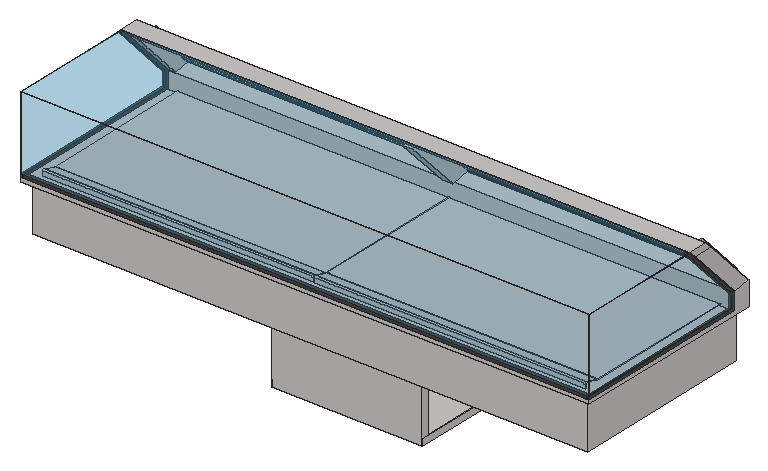
Revit family "QF_FESTIVE_ACDL24", category Specialty Equipment, Revit 2020
Family settings
  Round Connector Dimension = Use Diameter
  Part Type = Normal
  Work Plane-Based = No
  Always vertical = Yes
  Cut with Voids When Loaded = No
  Shared = No
  Room Calculation Point = No
Parameters (values of type "ACDL24")
  Weight in Pounds = 0
  Watts = if(Phase = 3, Volts * FL Amps * 1.73, Volts * FL Amps)  # 1210 W
  Volts = 220 V
  URL Cutsheet = ""
  Specification by User = ""
  Specification by Manufacturer = ""
  Serial Number = ""
  Seismic Rating = ""
  SMACNA No = ""
  Revision Code = ""
  Phase = 1
  Number of Poles = 1
  NAFEM Spec ID Number = ""
  Model = "ACDL24"
  Min Ckt Ampacity = 0 A
  Max Overcurrent Protection = 0 A
  Masterspec = ""
  Manufacturer = "FESTIVE"
  Length = 2370 mm
  Item Number = ""
  Installed By = ""
  Identify Quantity as Lot = yes
  Height = 335 mm
  HP = ""
  Glass 2 = Length > 1769 mm  # yes
  Glass 1 = Length < 1769 mm  # no
  Furnished By = ""
  Foodservice Equipment Identifier = yes
  FL Amps = 5.5 A
  Electrical Remarks = ""
  Electric Connection Type = ""
  Elec Conn RI Height = 0 mm
  Elec Conn Connection Height = 0 mm
  Description = "AVON LO: CHILLED DROP-IN"
  Depth = 830 mm
  Default Elevation = 0 mm
  Cycle = 50 Hz
  Cradle 2 [instance] = Length > 901 mm  # yes
  Cradle 1 = Length < 901 mm  # no
  Conn Plug = ""
  Conn Conduit = yes
  Center Post = Length > 1769 mm  # yes
  CSI MasterFormat = ""
  Apparent Power = if(Phase = 3, Volts * FL Amps * 1.73, Volts * FL Amps)  # 1210 VA
Reference planes
  plane 1 "BACK": y = 0
  plane 2: z = 0
  plane 3 "LEFT": x = 0
  plane 4 "RIGHT": x = 2370
  plane 5 "FRONT": y = -830
  plane 6 "TOP": z = 335
  plane 7 "Center Y": x = 1185
  plane 8 "Center X": y = -415
  plane 9: z = 100
  plane 10: x = 2359
  plane 11: z = -520
  plane 12: z = -560
Forms (mm)
  Extrusion 1, solid, material "QF_Metal - Stainless - Satin", visible <- "Cradle 2", not visible
    sketch origin (900, -213.4, -387.009) x (0, 0, 1) y (1, 0, 0)
      loop
        line (387.009, -137.4) -> (27.009, -137.4) -> (27.009, -762.6) -> (387.009, -762.6) -> (387.009, -137.4)
      loop
        line (55, -734.4) -> (365.009, -734.4) -> (365.009, -164.4) -> (55, -164.4) -> (55, -734.4)
    from 0 to -2
  Extrusion 2, solid, material "QF_Metal - Stainless - Satin", visible <- "Cradle 2", not visible
    sketch origin (141.4, 0, 0) x (0, 1, 0) y (0, 0, 1)
      loop
        line (-215.4, 0) -> (-240, 0) -> (-240, -360) -> (-215.4, -360) -> (-215.4, 0)
    from -4 to -1.6
  Extrusion 3, solid, material "QF_Metal - Stainless - Satin", visible <- "Cradle 2", not visible
    sketch origin (900, 0, 0) x (0, -1, 0) y (0, 0, 1)
      loop
        line (215.4, 0) -> (215.4, -360) -> (240, -360) -> (240, 0) -> (215.4, 0)
    from 139.796 to 137.4
  Extrusion 4, solid, material "QF_Metal - Stainless - Satin", visible <- "Cradle 2", not visible
    sketch origin (0, 0, 0) x (0, 1, 0) y (0, 0, 1)
      loop
        line (-52, 0) -> (-213.4, 0) -> (-213.4, -122) -> (-52, -122) -> (-52, 0)
    from 239 to 660
  Extrusion 5, solid, material "QF_Metal - Stainless - Satin", visible <- "Cradle 2", not visible
    sketch origin (0, -50.8, 53.113) x (0, 0, -1) y (-1, 0, 0)
      loop
        line (55.113, -660) -> (175.113, -660) -> (175.113, -239) -> (55.113, -239) -> (55.113, -660)
    from 0 to 2
  Extrusion 6, solid, material "QF_Plastic - Black - Smooth", visible <- "Cradle 2", not visible
    sketch origin (14, -48.8, 53.113) x (0, 0, -1) y (-1, 0, 0)
      loop
        line (147.213, -308.95) -> (147.213, -294.95) -> (115.213, -294.95) -> (115.213, -308.95) -> (147.213, -308.95)
      loop
        line (147.213, -278.75) -> (147.213, -264.75) -> (115.213, -264.75) -> (115.213, -278.75) -> (147.213, -278.75)
      loop
        line (145.213, -306.95) -> (145.213, -296.95) -> (117.213, -296.95) -> (117.213, -306.95) -> (145.213, -306.95)
      loop
        line (145.213, -276.75) -> (145.213, -266.75) -> (117.213, -266.75) -> (117.213, -276.75) -> (145.213, -276.75)
      loop
        arc (112.863, -404.2) -> (131.113, -408.012) -> (149.363, -404.2) r 45.59
        line (149.363, -404.2) -> (149.363, -330.2)
        arc (149.363, -330.2) -> (131.113, -326.725) -> (112.863, -330.2) r 49.66
        line (112.863, -330.2) -> (112.863, -404.2)
    from 0 to 3
  Extrusion 7, solid, material "QF_Plastic - Red - Smooth", visible <- "Cradle 2", not visible
    sketch origin (290.75, -48.8, -92.1) x (0, 0, 1) y (0, 1, 0)
      loop
        line (0, 7.232) -> (0, 0) -> (28, 0) -> (28, 4.784)
        arc (28, 4.784) -> (13.954, 5.478) -> (0, 7.232) r 185.903
    from 0 to 10
  Extrusion 8, solid, material "QF_Plastic - Red - Smooth", visible <- "Cradle 2", not visible
    sketch origin (290.75, -48.8, -92.1) x (0, 0, 1) y (0, 1, 0)
      loop
        line (0, 7.232) -> (0, 0) -> (28, 0) -> (28, 4.784)
        arc (28, 4.784) -> (13.954, 5.478) -> (0, 7.232) r 185.903
    from -30.2 to -20.2
  Extrusion 9, solid, material "QF_Metal - Stainless - Satin", visible <- "Cradle 2", not visible
    sketch origin (0, -1.8, 0) x (0, 1, 0) y (0, 0, 1)
      loop
        line (-570, 0) -> (-596.6, 0) -> (-596.6, -360) -> (-570, -360) -> (-570, 0)
    from 137.4 to 762.6
  Extrusion 10, void, not visible
    sketch origin (137.4, 0, 0) x (0, 1, 0) y (0, 0, 1)
      loop
        circle (-289.925, -281.443) r 8.149
    from 0 to 3.2
  Extrusion 11, solid, material "QF_Metal - Stainless - Satin"
    sketch origin (0, 0, -200) x (0, 1, 0) y (0, 0, 1)
      loop
        line (0, 200) -> (0, 300) -> (-75.2, 287.871) -> (-75.2, 217) -> (-830, 217) -> (-830, 200) -> (0, 200)
    from 0 to 2370
  Extrusion 12, solid, material "QF_Plastic - Black - Smooth"
    sketch origin (0, 0, -200) x (0, 1, 0) y (0, 0, 1)
      loop
        line (-830, 217) -> (-818, 217) -> (-818, 229) -> (-830, 229) -> (-830, 217)
    from 11 to 2359
  Extrusion 13, solid, material "QF_Metal - Stainless - Satin"
    sketch origin (900, 0, -200) x (0, 1, 0) y (0, 0, -1)
      loop
        line (-715.062, -224.6) -> (-75.2, -224.6) -> (-75.2, -223.6) -> (-715.33, -223.6) -> (-715.062, -224.6)
      loop
        line (-780, -217) -> (-780, -235.604)
        arc (-780, -235.604) -> (-778.032, -239.534) -> (-773.706, -240.312) r 4.908
        line (-773.706, -240.312) -> (-773.965, -239.347)
        arc (-773.965, -239.347) -> (-777.439, -238.63) -> (-779, -235.445) r 4.03
        line (-779, -235.445) -> (-779, -217) -> (-780, -217)
    from -1416 to -287
  Extrusion 14, solid, material "Glass"
    sketch origin (0, 0, -200) x (0, -1, 0) y (0, 0, 1)
      loop
        line (828, 533) -> (303.463, 533) -> (301.574, 531) -> (826, 531) -> (826, 217) -> (828, 217) -> (828, 533)
    from 0 to -2370
  Extrusion 15, solid, material "QF_Metal - Stainless - Satin"
    sketch origin (449, -425, -200) x (1, 0, 0) y (0, 1, 0)
      loop
        line (-419, -375) -> (1891, -375) -> (1891, 395) -> (-419, 395) -> (-419, -375)
    from 0 to -200
  Extrusion 16, solid, material "QF_Metal - Stainless - Satin"
    sketch origin (0, 65.025, -271.149) x (0, 0.985557, 0.169345) y (0, -0.169345, 0.985557)
      loop
        line (-76.81, 381.021) -> (-77.401, 377.581) -> (-1.233, 376.8) -> (-159.726, 615.174) -> (-241.884, 629.29) -> (-76.81, 381.021)
    from 0 to 40
  Extrusion 17, solid, material "QF_Metal - Stainless - Satin"
    sketch origin (40, 65.025, -271.149) x (0, 0.985557, 0.169345) y (0, -0.169345, 0.985557)
      loop
        line (-159.726, 615.174) -> (-180.222, 645.999) -> (-262.379, 660.116) -> (-241.884, 629.29) -> (-159.726, 615.174)
    from -40 to 2330
  Extrusion 18, solid, material "QF_Metal - Stainless - Satin"
    sketch origin (0, 0, -188) x (0, 1, 0) y (0, 0, 1)
      loop
        line (-780, 205) -> (-779, 205) -> (-779, 223.445)
        arc (-779, 223.445) -> (-777.439, 226.63) -> (-773.965, 227.347) r 4.03
        line (-773.965, 227.347) -> (-773.706, 228.312)
        arc (-773.706, 228.312) -> (-778.032, 227.534) -> (-780, 223.604) r 4.908
        line (-780, 223.604) -> (-780, 205)
      loop
        line (-715.062, 212.6) -> (-715.33, 211.6) -> (-75.2, 211.6) -> (-75.2, 212.6) -> (-715.062, 212.6)
    from 54 to 1183
  Extrusion 19, solid, material "QF_Metal - Stainless - Satin"
    sketch origin (0, -79.381, -365.812) x (1, 0, 0) y (0, 0.965932, -0.258796)
      loop
        line (1183, -715.062) -> (54, -715.062) -> (54, -773.706) -> (1183, -773.706) -> (1183, -715.062)
      loop
        line (1187, -715.062) -> (1187, -773.706) -> (2316, -773.706) -> (2316, -715.062) -> (1187, -715.062)
    from 211.6 to 212.6
  Extrusion 20, solid, material "QF_Metal - Stainless - Satin"
    sketch origin (40, -216.994, 329.71) x (0, -0.6867, 0.726941) y (1, 0, 0)
      loop
        line (-300.996, 0) -> (-300.996, 2290) -> (-315.996, 2290) -> (-315.996, 0) -> (-300.996, 0)
    from 0 to -5
  Extrusion 21, solid, material "QF_Plastic - Black - Smooth"
    sketch origin (0, 0, -200) x (0, 1, 0) y (0, 0, 1)
      loop
        line (-86, 287.066) -> (-86, 229) -> (-830, 229) -> (-830, 217) -> (-75.2, 217) -> (-75.2, 291.361) -> (-303.463, 533) -> (-318.32, 533) -> (-86, 287.066)
    from 0 to 11
  Extrusion 22, solid, material "QF_Metal - Stainless - Satin"
    sketch origin (0, 65.025, -271.149) x (0, 0.985557, 0.169345) y (0, -0.169345, 0.985557)
      loop
        line (-76.81, 381.021) -> (-77.401, 377.581) -> (-1.233, 376.8) -> (-159.726, 615.174) -> (-241.884, 629.29) -> (-76.81, 381.021)
    from 0 to 40
  Extrusion 23, solid, material "QF_Plastic - Black - Smooth"
    sketch origin (2370, 0, 0) x (0, -1, 0) y (0, 0, 1)
      loop
        line (86, 87.066) -> (320.209, 335) -> (305.352, 335) -> (75.2, 91.361) -> (75.2, 17) -> (830, 17) -> (830, 29) -> (86, 29) -> (86, 87.066)
    from 0 to 11
  Extrusion 24, solid, material "QF_Metal - Stainless - Satin"
    sketch origin (2370, 0, 0) x (0, -1, 0) y (0, 0, 1)
      loop
        line (75.2, 91.361) -> (279.932, 308.09) -> (196.571, 308.09) -> (0, 100) -> (75.2, 87.871) -> (75.2, 91.361)
    from 0 to 40
  Extrusion 25, solid, material "QF_Metal - Stainless - Satin", visible <- "Cradle 2"
    sketch origin (1634.4, -222.5, -587.009) x (0, 0, 1) y (1, 0, 0)
      loop
        line (387.009, -137.4) -> (27.009, -137.4) -> (27.009, -762.6) -> (387.009, -762.6) -> (387.009, -137.4)
      loop
        line (55, -734.4) -> (365.009, -734.4) -> (365.009, -164.4) -> (55, -164.4) -> (55, -734.4)
    from 0 to -2
  Extrusion 26, solid, material "QF_Metal - Stainless - Satin", visible <- "Cradle 2"
    sketch origin (875.8, -9.1, -200) x (0, 1, 0) y (0, 0, 1)
      loop
        line (-215.4, 0) -> (-240, 0) -> (-240, -360) -> (-215.4, -360) -> (-215.4, 0)
    from -4 to -1.6
  Extrusion 27, solid, material "QF_Metal - Stainless - Satin", visible <- "Cradle 2"
    sketch origin (1634.4, -9.1, -200) x (0, -1, 0) y (0, 0, 1)
      loop
        line (215.4, 0) -> (215.4, -360) -> (240, -360) -> (240, 0) -> (215.4, 0)
    from 139.796 to 137.4
  Extrusion 28, solid, material "QF_Metal - Stainless - Satin", visible <- "Cradle 2"
    sketch origin (734.4, -9.1, -200) x (0, 1, 0) y (0, 0, 1)
      loop
        line (-52, 0) -> (-213.4, 0) -> (-213.4, -122) -> (-52, -122) -> (-52, 0)
    from 239 to 660
  Extrusion 29, solid, material "QF_Metal - Stainless - Satin", visible <- "Cradle 2"
    sketch origin (734.4, -59.9, -146.887) x (0, 0, -1) y (-1, 0, 0)
      loop
        line (55.113, -660) -> (175.113, -660) -> (175.113, -239) -> (55.113, -239) -> (55.113, -660)
    from 0 to 2
  Extrusion 30, solid, material "QF_Plastic - Black - Smooth", visible <- "Cradle 2"
    sketch origin (748.4, -57.9, -146.887) x (0, 0, -1) y (-1, 0, 0)
      loop
        line (147.213, -308.95) -> (147.213, -294.95) -> (115.213, -294.95) -> (115.213, -308.95) -> (147.213, -308.95)
      loop
        line (147.213, -278.75) -> (147.213, -264.75) -> (115.213, -264.75) -> (115.213, -278.75) -> (147.213, -278.75)
      loop
        line (145.213, -306.95) -> (145.213, -296.95) -> (117.213, -296.95) -> (117.213, -306.95) -> (145.213, -306.95)
      loop
        line (145.213, -276.75) -> (145.213, -266.75) -> (117.213, -266.75) -> (117.213, -276.75) -> (145.213, -276.75)
      loop
        arc (112.863, -404.2) -> (131.113, -408.012) -> (149.363, -404.2) r 45.59
        line (149.363, -404.2) -> (149.363, -330.2)
        arc (149.363, -330.2) -> (131.113, -326.725) -> (112.863, -330.2) r 49.66
        line (112.863, -330.2) -> (112.863, -404.2)
    from 0 to 3
  Extrusion 31, solid, material "QF_Plastic - Red - Smooth", visible <- "Cradle 2"
    sketch origin (1025.15, -57.9, -292.1) x (0, 0, 1) y (0, 1, 0)
      loop
        line (0, 7.232) -> (0, 0) -> (28, 0) -> (28, 4.784)
        arc (28, 4.784) -> (13.954, 5.478) -> (0, 7.232) r 185.903
    from 0 to 10
  Extrusion 32, solid, material "QF_Plastic - Red - Smooth", visible <- "Cradle 2"
    sketch origin (1025.15, -57.9, -292.1) x (0, 0, 1) y (0, 1, 0)
      loop
        line (0, 7.232) -> (0, 0) -> (28, 0) -> (28, 4.784)
        arc (28, 4.784) -> (13.954, 5.478) -> (0, 7.232) r 185.903
    from -30.2 to -20.2
  Extrusion 33, solid, material "QF_Metal - Stainless - Satin", visible <- "Cradle 2"
    sketch origin (734.4, -10.9, -200) x (0, 1, 0) y (0, 0, 1)
      loop
        line (-570, 0) -> (-596.6, 0) -> (-596.6, -360) -> (-570, -360) -> (-570, 0)
    from 137.4 to 762.6
  Extrusion 34, void
    sketch origin (871.8, -9.1, -200) x (0, 1, 0) y (0, 0, 1)
      loop
        circle (-289.925, -281.443) r 8.149
    from 0 to 3.2
  Extrusion 35, solid, material "QF_Metal - Stainless - Satin"
    sketch origin (325, -200.206, 304.657) x (0, -0.6867, 0.726941) y (1, 0, 0)
      loop
        line (0, -285) -> (0, -265) -> (-271.255, -265) -> (-271.255, -285) -> (0, -285)
    from 0 to 3.2
  Extrusion 36, solid, material "QF_Metal - Stainless - Satin"
    sketch origin (60, -13.935, 107.471) x (0, -0.6867, 0.726941) y (0, -0.726941, -0.6867)
      loop
        line (271.255, -3.2) -> (0, -3.2) -> (0, -8.2)
        arc (0, -8.2) -> (2.929, -15.271) -> (10, -18.2) r 10
        line (10, -18.2) -> (261.255, -18.2)
        arc (261.255, -18.2) -> (268.326, -15.271) -> (271.255, -8.2) r 10
        line (271.255, -8.2) -> (271.255, -3.2)
    from -9 to -11
  Extrusion 37, solid, material "QF_Metal - Stainless - Satin"
    sketch origin (875, -196.571, 308.09) x (0, -0.6867, 0.726941) y (1, 0, 0)
      loop
        line (0, 1455) -> (-271.255, 1455) -> (-271.255, 1435) -> (0, 1435) -> (0, 1455)
    from 0 to 3.2
  Extrusion 38, solid, material "QF_Metal - Stainless - Satin"
    sketch origin (2310, -10.301, 110.904) x (0, -0.6867, 0.726941) y (0, 0.726941, 0.6867)
      loop
        line (271.255, 3.2) -> (271.255, 8.2)
        arc (271.255, 8.2) -> (268.326, 15.271) -> (261.255, 18.2) r 10
        line (261.255, 18.2) -> (10, 18.2)
        arc (10, 18.2) -> (2.929, 15.271) -> (0, 8.2) r 10
        line (0, 8.2) -> (0, 3.2) -> (271.255, 3.2)
    from -9 to -11
  Extrusion 39, solid, material "QF_Metal - Stainless - Satin", visible <- "Center Post"
    sketch origin (1185, 175.397, 1219.2) x (0, 1, 0) y (0, 0, 1)
      loop
        line (-371.969, -911.11) -> (-470.186, -911.11) -> (-260.629, -1132.947) -> (-175.397, -1119.2) -> (-371.969, -911.11)
    from -20 to 20
  Extrusion 40, solid, material "QF_Metal - Stainless - Satin", visible <- "Cradle 2"
    sketch origin (734.4, -607.571, -560) x (1, 0, 0) y (0, -1, 0)
      loop
        line (762.6, -28.471) -> (137.4, -28.471) -> (137.4, -383.071) -> (762.6, -383.071) -> (762.6, -28.471)
    from 0 to -5
  Extrusion 41, solid, material "QF_Metal - Stainless - Satin", visible <- "Cradle 2"
    sketch origin (1634.4, -9.1, -160) x (0, -1, 0) y (0, 0, 1)
      loop
        line (213.4, -372.009) -> (213.4, -400) -> (598.4, -400) -> (598.4, -372.009) -> (213.4, -372.009)
    from 137.4 to 135
  Extrusion 42, solid, material "QF_Metal - Stainless - Satin", visible <- "Cradle 2"
    sketch origin (734.4, -9.1, -160) x (0, 1, 0) y (0, 0, 1)
      loop
        line (-213.4, -372.009) -> (-598.4, -372.009) -> (-598.4, -400) -> (-213.4, -400) -> (-213.4, -372.009)
    from 135 to 137.4
  Extrusion 43, solid, material "QF_Metal - Stainless - Satin", visible <- "Cradle 2", not visible
    sketch origin (0, -598.471, -360) x (1, 0, 0) y (0, -1, 0)
      loop
        line (762.6, -28.471) -> (137.4, -28.471) -> (137.4, -383.071) -> (762.6, -383.071) -> (762.6, -28.471)
    from 0 to -5
  Extrusion 44, solid, material "QF_Metal - Stainless - Satin", visible <- "Cradle 2", not visible
    sketch origin (900, 0, 40) x (0, -1, 0) y (0, 0, 1)
      loop
        line (213.4, -372.009) -> (213.4, -400) -> (598.4, -400) -> (598.4, -372.009) -> (213.4, -372.009)
    from 137.4 to 135
  Extrusion 45, solid, material "QF_Metal - Stainless - Satin", visible <- "Cradle 2", not visible
    sketch origin (0, 0, 40) x (0, 1, 0) y (0, 0, 1)
      loop
        line (-213.4, -372.009) -> (-598.4, -372.009) -> (-598.4, -400) -> (-213.4, -400) -> (-213.4, -372.009)
    from 135 to 137.4
  Extrusion 46, solid, material "QF_Metal - Stainless - Satin", visible <- "Cradle 1", not visible
    sketch origin (2199.4, -222.5, -587.009) x (0, 0, 1) y (1, 0, 0)
      loop
        line (387.009, -137.4) -> (67.009, -137.4) -> (67.009, -762.6) -> (387.009, -762.6) -> (387.009, -137.4)
      loop
        line (365.009, -734.4) -> (365.009, -164.4) -> (95, -164.4) -> (95, -734.4) -> (365.009, -734.4)
    from 0 to -2
  Extrusion 47, solid, material "QF_Metal - Stainless - Satin", visible <- "Cradle 1", not visible
    sketch origin (1440.8, -9.1, -200) x (0, 1, 0) y (0, 0, 1)
      loop
        line (-215.4, 0) -> (-240, 0) -> (-240, -320) -> (-215.4, -320) -> (-215.4, 0)
    from -4 to -1.6
  Extrusion 48, solid, material "QF_Metal - Stainless - Satin", visible <- "Cradle 1", not visible
    sketch origin (2199.4, -9.1, -200) x (0, -1, 0) y (0, 0, 1)
      loop
        line (215.4, 0) -> (215.4, -320) -> (240, -320) -> (240, 0) -> (215.4, 0)
    from 139.796 to 137.4
  Extrusion 49, solid, material "QF_Metal - Stainless - Satin", visible <- "Cradle 1", not visible
    sketch origin (1299.4, -9.1, -200) x (0, 1, 0) y (0, 0, 1)
      loop
        line (-52, 0) -> (-213.4, 0) -> (-213.4, -122) -> (-52, -122) -> (-52, 0)
    from 239 to 660
  Extrusion 50, solid, material "QF_Metal - Stainless - Satin", visible <- "Cradle 1", not visible
    sketch origin (1299.4, -59.9, -146.887) x (0, 0, -1) y (-1, 0, 0)
      loop
        line (55.113, -660) -> (175.113, -660) -> (175.113, -239) -> (55.113, -239) -> (55.113, -660)
    from 0 to 2
  Extrusion 51, solid, material "QF_Plastic - Black - Smooth", visible <- "Cradle 1", not visible
    sketch origin (1313.4, -57.9, -146.887) x (0, 0, -1) y (-1, 0, 0)
      loop
        line (147.213, -308.95) -> (147.213, -294.95) -> (115.213, -294.95) -> (115.213, -308.95) -> (147.213, -308.95)
      loop
        line (147.213, -278.75) -> (147.213, -264.75) -> (115.213, -264.75) -> (115.213, -278.75) -> (147.213, -278.75)
      loop
        line (145.213, -306.95) -> (145.213, -296.95) -> (117.213, -296.95) -> (117.213, -306.95) -> (145.213, -306.95)
      loop
        line (145.213, -276.75) -> (145.213, -266.75) -> (117.213, -266.75) -> (117.213, -276.75) -> (145.213, -276.75)
      loop
        arc (112.863, -404.2) -> (131.113, -408.012) -> (149.363, -404.2) r 45.59
        line (149.363, -404.2) -> (149.363, -330.2)
        arc (149.363, -330.2) -> (131.113, -326.725) -> (112.863, -330.2) r 49.66
        line (112.863, -330.2) -> (112.863, -404.2)
    from 0 to 3
  Extrusion 52, solid, material "QF_Plastic - Red - Smooth", visible <- "Cradle 1", not visible
    sketch origin (1590.15, -57.9, -292.1) x (0, 0, 1) y (0, 1, 0)
      loop
        line (0, 7.232) -> (0, 0) -> (28, 0) -> (28, 4.784)
        arc (28, 4.784) -> (13.954, 5.478) -> (0, 7.232) r 185.903
    from 0 to 10
  Extrusion 53, solid, material "QF_Plastic - Red - Smooth", visible <- "Cradle 1", not visible
    sketch origin (1590.15, -57.9, -292.1) x (0, 0, 1) y (0, 1, 0)
      loop
        line (0, 7.232) -> (0, 0) -> (28, 0) -> (28, 4.784)
        arc (28, 4.784) -> (13.954, 5.478) -> (0, 7.232) r 185.903
    from -30.2 to -20.2
  Extrusion 54, solid, material "QF_Metal - Stainless - Satin", visible <- "Cradle 1", not visible
    sketch origin (1299.4, -10.9, -200) x (0, 1, 0) y (0, 0, 1)
      loop
        line (-570, 0) -> (-596.6, 0) -> (-596.6, -320) -> (-570, -320) -> (-570, 0)
    from 137.4 to 762.6
  Extrusion 55, solid, material "QF_Metal - Stainless - Satin", visible <- "Cradle 1", not visible
    sketch origin (1299.4, -607.571, -520) x (1, 0, 0) y (0, -1, 0)
      loop
        line (762.6, -28.471) -> (137.4, -28.471) -> (137.4, -383.071) -> (762.6, -383.071) -> (762.6, -28.471)
    from 0 to -5
  Extrusion 56, solid, material "QF_Metal - Stainless - Satin", visible <- "Cradle 1", not visible
    sketch origin (2199.4, -9.1, -120) x (0, -1, 0) y (0, 0, 1)
      loop
        line (213.4, -372.009) -> (213.4, -400) -> (598.4, -400) -> (598.4, -372.009) -> (213.4, -372.009)
    from 137.4 to 135
  Extrusion 57, solid, material "QF_Metal - Stainless - Satin", visible <- "Cradle 1", not visible
    sketch origin (1299.4, -9.1, -120) x (0, 1, 0) y (0, 0, 1)
      loop
        line (-213.4, -372.009) -> (-598.4, -372.009) -> (-598.4, -400) -> (-213.4, -400) -> (-213.4, -372.009)
    from 135 to 137.4
  Extrusion 58, solid, material "QF_Metal - Stainless - Satin", visible <- "Cradle 1"
    sketch origin (1634.4, -222.5, -587.009) x (0, 0, 1) y (1, 0, 0)
      loop
        line (387.009, -137.4) -> (67.009, -137.4) -> (67.009, -762.6) -> (387.009, -762.6) -> (387.009, -137.4)
      loop
        line (365.009, -734.4) -> (365.009, -164.4) -> (95, -164.4) -> (95, -734.4) -> (365.009, -734.4)
    from 0 to -2
  Extrusion 59, solid, material "QF_Metal - Stainless - Satin", visible <- "Cradle 1"
    sketch origin (875.8, -9.1, -200) x (0, 1, 0) y (0, 0, 1)
      loop
        line (-215.4, 0) -> (-240, 0) -> (-240, -320) -> (-215.4, -320) -> (-215.4, 0)
    from -4 to -1.6
  Extrusion 60, solid, material "QF_Metal - Stainless - Satin", visible <- "Cradle 1"
    sketch origin (1634.4, -9.1, -200) x (0, -1, 0) y (0, 0, 1)
      loop
        line (215.4, 0) -> (215.4, -320) -> (240, -320) -> (240, 0) -> (215.4, 0)
    from 139.796 to 137.4
  Extrusion 61, solid, material "QF_Metal - Stainless - Satin", visible <- "Cradle 1"
    sketch origin (734.4, -9.1, -200) x (0, 1, 0) y (0, 0, 1)
      loop
        line (-52, 0) -> (-213.4, 0) -> (-213.4, -122) -> (-52, -122) -> (-52, 0)
    from 239 to 660
  Extrusion 62, solid, material "QF_Metal - Stainless - Satin", visible <- "Cradle 1"
    sketch origin (734.4, -59.9, -146.887) x (0, 0, -1) y (-1, 0, 0)
      loop
        line (55.113, -660) -> (175.113, -660) -> (175.113, -239) -> (55.113, -239) -> (55.113, -660)
    from 0 to 2
  Extrusion 63, solid, material "QF_Plastic - Black - Smooth", visible <- "Cradle 1"
    sketch origin (748.4, -57.9, -146.887) x (0, 0, -1) y (-1, 0, 0)
      loop
        line (147.213, -308.95) -> (147.213, -294.95) -> (115.213, -294.95) -> (115.213, -308.95) -> (147.213, -308.95)
      loop
        line (147.213, -278.75) -> (147.213, -264.75) -> (115.213, -264.75) -> (115.213, -278.75) -> (147.213, -278.75)
      loop
        line (145.213, -306.95) -> (145.213, -296.95) -> (117.213, -296.95) -> (117.213, -306.95) -> (145.213, -306.95)
      loop
        line (145.213, -276.75) -> (145.213, -266.75) -> (117.213, -266.75) -> (117.213, -276.75) -> (145.213, -276.75)
      loop
        arc (112.863, -404.2) -> (131.113, -408.012) -> (149.363, -404.2) r 45.59
        line (149.363, -404.2) -> (149.363, -330.2)
        arc (149.363, -330.2) -> (131.113, -326.725) -> (112.863, -330.2) r 49.66
        line (112.863, -330.2) -> (112.863, -404.2)
    from 0 to 3
  Extrusion 64, solid, material "QF_Plastic - Red - Smooth", visible <- "Cradle 1"
    sketch origin (1025.15, -57.9, -292.1) x (0, 0, 1) y (0, 1, 0)
      loop
        line (0, 7.232) -> (0, 0) -> (28, 0) -> (28, 4.784)
        arc (28, 4.784) -> (13.954, 5.478) -> (0, 7.232) r 185.903
    from 0 to 10
  Extrusion 65, solid, material "QF_Plastic - Red - Smooth", visible <- "Cradle 1"
    sketch origin (1025.15, -57.9, -292.1) x (0, 0, 1) y (0, 1, 0)
      loop
        line (0, 7.232) -> (0, 0) -> (28, 0) -> (28, 4.784)
        arc (28, 4.784) -> (13.954, 5.478) -> (0, 7.232) r 185.903
    from -30.2 to -20.2
  Extrusion 66, solid, material "QF_Metal - Stainless - Satin", visible <- "Cradle 1"
    sketch origin (734.4, -10.9, -200) x (0, 1, 0) y (0, 0, 1)
      loop
        line (-570, 0) -> (-596.6, 0) -> (-596.6, -320) -> (-570, -320) -> (-570, 0)
    from 137.4 to 762.6
  Extrusion 67, solid, material "QF_Metal - Stainless - Satin", visible <- "Cradle 1"
    sketch origin (734.4, -607.571, -520) x (1, 0, 0) y (0, -1, 0)
      loop
        line (762.6, -28.471) -> (137.4, -28.471) -> (137.4, -383.071) -> (762.6, -383.071) -> (762.6, -28.471)
    from 0 to -5
  Extrusion 68, solid, material "QF_Metal - Stainless - Satin", visible <- "Cradle 1"
    sketch origin (1634.4, -9.1, -120) x (0, -1, 0) y (0, 0, 1)
      loop
        line (213.4, -372.009) -> (213.4, -400) -> (598.4, -400) -> (598.4, -372.009) -> (213.4, -372.009)
    from 137.4 to 135
  Extrusion 69, solid, material "QF_Metal - Stainless - Satin", visible <- "Cradle 1"
    sketch origin (734.4, -9.1, -120) x (0, 1, 0) y (0, 0, 1)
      loop
        line (-213.4, -372.009) -> (-598.4, -372.009) -> (-598.4, -400) -> (-213.4, -400) -> (-213.4, -372.009)
    from 135 to 137.4
  Extrusion 70, solid, material "Glass"
    sketch origin (2370, 0, 0) x (0, -1, 0) y (0, 0, 1)
      loop
        line (318.32, 333) -> (86, 87.066) -> (86, 29) -> (828, 29) -> (828, 333) -> (318.32, 333)
    from 0 to 3
  Extrusion 71, solid, material "Glass"
    sketch origin (0, 0, -200) x (0, 1, 0) y (0, 0, 1)
      loop
        line (-318.32, 533) -> (-828, 533) -> (-828, 217) -> (-86, 217) -> (-86, 287.066) -> (-318.32, 533)
    from 0 to 3
  Extrusion 72, solid, material "Glass", visible <- "Glass 1"
    sketch origin (325, -196.571, 308.09) x (0, -0.6867, 0.726941) y (1, 0, 0)
      loop
        line (0, 860) -> (-271.255, 860) -> (-271.255, -285) -> (0, -285) -> (0, 860)
    from -5 to -10
  Extrusion 73, solid, material "Glass", visible <- "Glass 1"
    sketch origin (875, -196.571, 308.09) x (0, -0.6867, 0.726941) y (1, 0, 0)
      loop
        line (0, 310) -> (0, 1455) -> (-271.255, 1455) -> (-271.255, 310) -> (0, 310)
    from 0 to -5
  Extrusion 74, solid, material "Glass", visible <- "Glass 2"
    sketch origin (40, 65.025, -271.149) x (0, 0.985557, 0.169345) y (0, -0.169345, 0.985557)
      loop
        line (-13.702, 386.523) -> (-163.89, 612.405) -> (-168.054, 609.637) -> (-17.866, 383.755) -> (-13.702, 386.523)
    from 0 to 1125
  Extrusion 75, solid, material "Glass", visible <- "Glass 2"
    sketch origin (2330, 0, 0) x (0, -1, 0) y (0, 0, 1)
      loop
        line (196.571, 308.09) -> (10.301, 110.904) -> (13.935, 107.471) -> (200.206, 304.657) -> (196.571, 308.09)
    from 0 to 1125
Lines and regions (mm)
  Split face 1, not visible
    outline origin (14, -45.8, 53.113) x (0, 0, -1) y (-1, 0, 0)
      loop
        line (116.213, -355.957) -> (116.213, -395.454)
        arc (116.213, -395.454) -> (131.213, -398.842) -> (146.213, -395.454) r 34.9
        line (146.213, -395.454) -> (146.213, -355.957) -> (116.213, -355.957)
  Split face 2
    outline origin (748.4, -54.9, -146.887) x (0, 0, -1) y (-1, 0, 0)
      loop
        line (116.213, -355.957) -> (116.213, -395.454)
        arc (116.213, -395.454) -> (131.213, -398.842) -> (146.213, -395.454) r 34.9
        line (146.213, -395.454) -> (146.213, -355.957) -> (116.213, -355.957)
  Split face 3, not visible
    outline origin (1313.4, -54.9, -146.887) x (0, 0, -1) y (-1, 0, 0)
      loop
        line (116.213, -355.957) -> (116.213, -395.454)
        arc (116.213, -395.454) -> (131.213, -398.842) -> (146.213, -395.454) r 34.9
        line (146.213, -395.454) -> (146.213, -355.957) -> (116.213, -355.957)
  Split face 4
    outline origin (748.4, -54.9, -146.887) x (0, 0, -1) y (-1, 0, 0)
      loop
        line (116.213, -355.957) -> (116.213, -395.454)
        arc (116.213, -395.454) -> (131.213, -398.842) -> (146.213, -395.454) r 34.9
        line (146.213, -395.454) -> (146.213, -355.957) -> (116.213, -355.957)
  symbolic lines
    curve 1: line (54, -780, 0) -> (54, -305.352, 0)
    curve 2: line (54, -780, 0) -> (2316, -780, 0)
    curve 3: line (2316, -780, 0) -> (2316, -305.352, 0)
    curve 4: line (54, -715.33, 0) -> (1183, -715.33, 0)
    curve 5: line (1183, -780, 0) -> (1183, -305.352, 0)
    curve 6: line (1187, -780, 0) -> (1187, -305.352, 0)
    curve 7: line (0, -305.352, 0) -> (2370, -305.352, 0)
    curve 8: line (0, -221.991, 0) -> (2370, -221.991, 0)
    curve 9: line (2370, -196.571, 0) -> (0, -196.571, 0)
    curve 10: line (0, 0, 0) -> (2370, 0, 0)
    curve 11: line (0, -830, 0) -> (0, 0, 0)
    curve 12: line (2370, -830, 0) -> (0, -830, 0)
    curve 13: line (2370, 0, 0) -> (2370, -830, 0)
    curve 14: line (2359, -305.352, 0) -> (2359, -830, 0)
    curve 15: line (11, -305.352, 0) -> (11, -830, 0)
    curve 16: line (40, -196.571, 0) -> (40, 0, 0)
    curve 17: line (2330, -196.571, 0) -> (2330, 0, 0)
    curve 18: line (40, -10.301, 0) -> (2330, -10.301, 0)
    curve 19: line (2316, -715.33, 0) -> (1187, -715.33, 0)
    curve 20: line (60, -196.571, 0) -> (60, -10.301, 0)
    curve 21: line (1175, -13.935, 0) -> (60, -13.935, 0)
    curve 22: line (1175, -10.301, 0) -> (1175, -196.571, 0)
    curve 23: line (2310, -10.301, 0) -> (2310, -196.571, 0)
Dimensions and locks
  equal spacing: plane 3 "LEFT", plane 7 "Center Y", plane 4 "RIGHT"
  "Length": plane 3 "LEFT" to plane 4 "RIGHT"
  equal spacing: plane 5 "FRONT", plane 8 "Center X", plane 1 "BACK"
  "Depth": plane 5 "FRONT" to plane 1 "BACK"
  "Height": plane 6 "TOP" to level
  plane 1 "BACK" to plane 5 "FRONT" = 830 mm
  plane 6 "TOP" to plane 9 to level to Extrusion 15 = 235 mm, 100 mm, 200 mm
  plane 1 "BACK" to Extrusion 15 = 30 mm
  Extrusion 15 to plane 5 "FRONT" = 30 mm
  Extrusion 25 to Extrusion 33 = 385 mm
  locked: plane 10 to plane 4 "RIGHT" at 11
  locked: Extrusion 29 to plane 7 "Center Y" at 209.4
  Extrusion 19 sketch curve to plane 7 "Center Y" to Extrusion 19 sketch curve = 2 mm locked, 2 mm locked
  Extrusion 13 to plane 7 "Center Y" to Extrusion 18 = 2 mm locked, 2 mm locked
  locked: Extrusion 13 to plane 4 "RIGHT" at 54
  Extrusion 15 to plane 11 = 320 mm
  Extrusion 15 to plane 12 = 360 mm
  Extrusion 66 to plane 7 "Center Y" to Extrusion 66 = 312 mm locked, 313.2 mm locked
  locked: plane 4 "RIGHT" to Extrusion 14
  plane 7 "Center Y" to Extrusion 73 = 0 mm
  plane 7 "Center Y" to Extrusion 72 = 0 mm
  Extrusion 37 sketch curve to Extrusion 37 sketch curve to plane 4 "RIGHT" = 20 mm locked, 40 mm locked
  aligned and locked: level to plane 2
  aligned and locked: Extrusion 11 to plane 4 "RIGHT"
  aligned and locked: Extrusion 17 to plane 4 "RIGHT"
  aligned and locked: plane 10 to Extrusion 12
  aligned and locked: curve 3 to Extrusion 19
  aligned and locked: Extrusion 14 to plane 4 "RIGHT"
  aligned and locked: plane 7 "Center Y" to Extrusion 72
  aligned and locked: Extrusion 73 to plane 7 "Center Y"
  aligned and locked: Extrusion 74 to Extrusion 39
  aligned and locked: Extrusion 75 to Extrusion 39
Automatic sketch dimensions
  Extrusion 2 sketch curve to Extrusion 2 sketch curve = 24.6 mm
  Extrusion 3 sketch curve to Extrusion 3 sketch curve = 24.6 mm
  Extrusion 4 sketch curve to Extrusion 4 sketch curve = 122 mm
  Extrusion 7 sketch curve to Extrusion 6 = 0 mm  (x3)
  Extrusion 6 to Extrusion 7 sketch curve = 2.15 mm
  Extrusion 7 sketch curve to Extrusion 6 = 1.784 mm
  Extrusion 7 sketch curve to Extrusion 6 = 4.232 mm
  Extrusion 8 sketch curve to Extrusion 6 = 0 mm  (x3)
  Extrusion 6 to Extrusion 8 sketch curve = 2.15 mm
  Extrusion 8 sketch curve to Extrusion 6 = 1.784 mm
  Extrusion 8 sketch curve to Extrusion 6 = 4.232 mm
  Extrusion 9 sketch curve to Extrusion 9 sketch curve = 26.6 mm
  Extrusion 5 sketch curve to Extrusion 5 sketch curve = 120 mm
  Extrusion 6 sketch curve to Extrusion 5 = 57.75 mm
  Extrusion 6 sketch curve to Extrusion 6 sketch curve = 2.35 mm
  Extrusion 6 sketch curve to Extrusion 6 sketch curve = 0 mm  (x3)
  Extrusion 6 sketch curve to Extrusion 6 sketch curve = 2 mm  (x8)
  Extrusion 6 sketch curve to Extrusion 6 sketch curve = 18.25 mm
  Extrusion 6 sketch curve to Extrusion 6 sketch curve = 28 mm
  Extrusion 6 sketch curve to Extrusion 6 sketch curve = 2.15 mm
  Extrusion 6 sketch curve to Extrusion 5 = 179.2 mm
  Extrusion 6 sketch curve to Extrusion 6 sketch curve = 27.816 mm
  Extrusion 6 sketch curve to Extrusion 6 sketch curve = 13.963 mm
  Extrusion 6 sketch curve to Extrusion 6 sketch curve = 32.222 mm
  Extrusion 6 sketch curve to Extrusion 6 sketch curve = 21.25 mm
  Extrusion 6 sketch curve to Extrusion 6 sketch curve = 10 mm  (x2)
  Extrusion 6 sketch curve to Extrusion 6 sketch curve = 16.2 mm
  Split face 1 sketch curve to Extrusion 6 = 1 mm  (x2)
  Extrusion 6 to Split face 1 sketch curve = 86.504 mm
  Split face 1 sketch curve to Split face 1 sketch curve = 31.512 mm
  Split face 1 sketch curve to Split face 1 sketch curve = 7.985 mm
  Split face 1 sketch curve to Split face 1 sketch curve = 15 mm
  Extrusion 10 sketch curve to Extrusion 2 = 49.925 mm
  Extrusion 2 to Extrusion 10 sketch curve = 78.557 mm
  Extrusion 2 sketch curve to Extrusion 2 sketch curve = 360 mm
  Extrusion 3 sketch curve to Extrusion 3 sketch curve = 360 mm
  Extrusion 4 sketch curve to Extrusion 4 sketch curve = 161.4 mm
  Extrusion 5 sketch curve to Extrusion 5 sketch curve = 421 mm
  Extrusion 9 sketch curve to Extrusion 9 sketch curve = 360 mm
  Extrusion 26 sketch curve to Extrusion 26 sketch curve = 24.6 mm
  Extrusion 27 sketch curve to Extrusion 27 sketch curve = 24.6 mm
  Extrusion 28 sketch curve to Extrusion 28 sketch curve = 122 mm
  Extrusion 31 sketch curve to Extrusion 30 = 0 mm  (x3)
  Extrusion 30 to Extrusion 31 sketch curve = 2.15 mm
  Extrusion 31 sketch curve to Extrusion 30 = 1.784 mm
  Extrusion 31 sketch curve to Extrusion 30 = 4.232 mm
  Extrusion 32 sketch curve to Extrusion 30 = 0 mm  (x3)
  Extrusion 30 to Extrusion 32 sketch curve = 2.15 mm
  Extrusion 32 sketch curve to Extrusion 30 = 1.784 mm
  Extrusion 32 sketch curve to Extrusion 30 = 4.232 mm
  Extrusion 33 sketch curve to Extrusion 33 sketch curve = 26.6 mm
  Extrusion 29 sketch curve to Extrusion 29 sketch curve = 120 mm
  Extrusion 30 sketch curve to Extrusion 29 = 57.75 mm
  Extrusion 30 sketch curve to Extrusion 30 sketch curve = 2.35 mm
  Extrusion 30 sketch curve to Extrusion 30 sketch curve = 0 mm  (x3)
  Extrusion 30 sketch curve to Extrusion 30 sketch curve = 2 mm  (x8)
  Extrusion 30 sketch curve to Extrusion 30 sketch curve = 18.25 mm
  Extrusion 30 sketch curve to Extrusion 30 sketch curve = 28 mm
  Extrusion 30 sketch curve to Extrusion 30 sketch curve = 2.15 mm
  Extrusion 30 sketch curve to Extrusion 29 = 179.2 mm
  Extrusion 30 sketch curve to Extrusion 30 sketch curve = 27.816 mm
  Extrusion 30 sketch curve to Extrusion 30 sketch curve = 13.963 mm
  Extrusion 30 sketch curve to Extrusion 30 sketch curve = 32.222 mm
  Extrusion 30 sketch curve to Extrusion 30 sketch curve = 21.25 mm
  Extrusion 30 sketch curve to Extrusion 30 sketch curve = 10 mm  (x2)
  Extrusion 30 sketch curve to Extrusion 30 sketch curve = 16.2 mm
  Split face 2 sketch curve to Extrusion 30 = 1 mm  (x2)
  Extrusion 30 to Split face 2 sketch curve = 86.504 mm
  Split face 2 sketch curve to Split face 2 sketch curve = 31.512 mm
  Split face 2 sketch curve to Split face 2 sketch curve = 7.985 mm
  Split face 2 sketch curve to Split face 2 sketch curve = 15 mm
  Extrusion 34 sketch curve to Extrusion 26 = 49.925 mm
  Extrusion 26 to Extrusion 34 sketch curve = 78.557 mm
  Extrusion 26 sketch curve to Extrusion 26 sketch curve = 360 mm
  Extrusion 27 sketch curve to Extrusion 27 sketch curve = 360 mm
  Extrusion 28 sketch curve to Extrusion 28 sketch curve = 161.4 mm
  Extrusion 29 sketch curve to Extrusion 29 sketch curve = 421 mm
  Extrusion 33 sketch curve to Extrusion 33 sketch curve = 360 mm
  Extrusion 40 sketch curve to Extrusion 40 sketch curve = 625.2 mm
  Extrusion 40 sketch curve to Extrusion 40 sketch curve = 354.6 mm
  Extrusion 25 sketch curve to Extrusion 25 sketch curve = 27.991 mm
  Extrusion 25 sketch curve to Extrusion 25 sketch curve = 310.009 mm
  Extrusion 25 sketch curve to Extrusion 25 sketch curve = 22 mm
  Extrusion 25 sketch curve to Extrusion 25 sketch curve = 28.2 mm
  Extrusion 25 sketch curve to Extrusion 25 sketch curve = 570 mm
  Extrusion 25 sketch curve to Extrusion 25 sketch curve = 27 mm
  Extrusion 41 sketch curve to Extrusion 41 sketch curve = 385 mm
  Extrusion 41 sketch curve to Extrusion 41 sketch curve = 27.991 mm
  Extrusion 42 sketch curve to Extrusion 42 sketch curve = 385 mm
  Extrusion 42 sketch curve to Extrusion 42 sketch curve = 27.991 mm
  Extrusion 1 sketch curve to Extrusion 1 sketch curve = 27.991 mm
  Extrusion 1 sketch curve to Extrusion 1 sketch curve = 310.009 mm
  Extrusion 1 sketch curve to Extrusion 1 sketch curve = 22 mm
  Extrusion 1 sketch curve to Extrusion 1 sketch curve = 28.2 mm
  Extrusion 1 sketch curve to Extrusion 1 sketch curve = 570 mm
  Extrusion 1 sketch curve to Extrusion 1 sketch curve = 27 mm
  Extrusion 47 sketch curve to Extrusion 47 sketch curve = 24.6 mm
  Extrusion 48 sketch curve to Extrusion 48 sketch curve = 24.6 mm
  Extrusion 49 sketch curve to Extrusion 49 sketch curve = 122 mm
  Extrusion 54 sketch curve to Extrusion 54 sketch curve = 26.6 mm
  Extrusion 46 sketch curve to Extrusion 46 sketch curve = 22 mm
  Extrusion 46 sketch curve to Extrusion 46 sketch curve = 28.2 mm
  Extrusion 46 sketch curve to Extrusion 46 sketch curve = 570 mm
  Extrusion 46 sketch curve to Extrusion 46 sketch curve = 27 mm
  Extrusion 50 sketch curve to Extrusion 50 sketch curve = 120 mm
  Extrusion 50 sketch curve to Extrusion 50 sketch curve = 421 mm
  Extrusion 51 sketch curve to Extrusion 50 = 57.75 mm
  Extrusion 51 sketch curve to Extrusion 51 sketch curve = 2.35 mm
  Extrusion 51 sketch curve to Extrusion 51 sketch curve = 0 mm  (x3)
  Extrusion 51 sketch curve to Extrusion 51 sketch curve = 2 mm  (x8)
  Extrusion 51 sketch curve to Extrusion 51 sketch curve = 18.25 mm
  Extrusion 51 sketch curve to Extrusion 51 sketch curve = 28 mm
  Extrusion 51 sketch curve to Extrusion 51 sketch curve = 2.15 mm
  Extrusion 51 sketch curve to Extrusion 50 = 179.2 mm
  Extrusion 51 sketch curve to Extrusion 51 sketch curve = 27.816 mm
  Extrusion 51 sketch curve to Extrusion 51 sketch curve = 13.963 mm
  Extrusion 51 sketch curve to Extrusion 51 sketch curve = 32.222 mm
  Extrusion 51 sketch curve to Extrusion 51 sketch curve = 21.25 mm
  Extrusion 51 sketch curve to Extrusion 51 sketch curve = 10 mm  (x2)
  Extrusion 51 sketch curve to Extrusion 51 sketch curve = 16.2 mm
  Extrusion 52 sketch curve to Extrusion 51 = 0 mm  (x3)
  Extrusion 51 to Extrusion 52 sketch curve = 2.15 mm
  Extrusion 52 sketch curve to Extrusion 51 = 1.784 mm
  Extrusion 52 sketch curve to Extrusion 51 = 4.232 mm
  Extrusion 53 sketch curve to Extrusion 51 = 0 mm  (x3)
  Extrusion 51 to Extrusion 53 sketch curve = 2.15 mm
  Extrusion 53 sketch curve to Extrusion 51 = 1.784 mm
  Extrusion 53 sketch curve to Extrusion 51 = 4.232 mm
  Split face 3 sketch curve to Extrusion 51 = 1 mm  (x2)
  Extrusion 51 to Split face 3 sketch curve = 14 mm
  Extrusion 51 to Split face 3 sketch curve = 86.504 mm
  Split face 3 sketch curve to Split face 3 sketch curve = 31.512 mm
  Split face 3 sketch curve to Split face 3 sketch curve = 7.985 mm
  Extrusion 55 sketch curve to Extrusion 55 sketch curve = 625.2 mm
  Extrusion 46 sketch curve to Extrusion 46 sketch curve = 27.991 mm
  Extrusion 46 sketch curve to Extrusion 46 sketch curve = 270.009 mm
  Extrusion 47 sketch curve to Extrusion 47 sketch curve = 320 mm
  Extrusion 48 sketch curve to Extrusion 48 sketch curve = 320 mm
  Extrusion 49 sketch curve to Extrusion 49 sketch curve = 161.4 mm
  Extrusion 54 sketch curve to Extrusion 54 sketch curve = 320 mm
  Extrusion 55 sketch curve to Extrusion 55 sketch curve = 354.6 mm
  Extrusion 56 sketch curve to Extrusion 56 sketch curve = 385 mm
  Extrusion 56 sketch curve to Extrusion 56 sketch curve = 27.991 mm
  Extrusion 57 sketch curve to Extrusion 57 sketch curve = 385 mm
  Extrusion 57 sketch curve to Extrusion 57 sketch curve = 27.991 mm
  Extrusion 59 sketch curve to Extrusion 59 sketch curve = 24.6 mm
  Extrusion 60 sketch curve to Extrusion 60 sketch curve = 24.6 mm
  Extrusion 61 sketch curve to Extrusion 61 sketch curve = 122 mm
  Extrusion 66 sketch curve to Extrusion 66 sketch curve = 26.6 mm
  Extrusion 58 sketch curve to Extrusion 58 sketch curve = 22 mm
  Extrusion 58 sketch curve to Extrusion 58 sketch curve = 28.2 mm
  Extrusion 58 sketch curve to Extrusion 58 sketch curve = 570 mm
  Extrusion 58 sketch curve to Extrusion 58 sketch curve = 27 mm
  Extrusion 62 sketch curve to Extrusion 62 sketch curve = 120 mm
  Extrusion 62 sketch curve to Extrusion 62 sketch curve = 421 mm
  Extrusion 63 sketch curve to Extrusion 62 = 57.75 mm
  Extrusion 63 sketch curve to Extrusion 63 sketch curve = 2.35 mm
  Extrusion 63 sketch curve to Extrusion 63 sketch curve = 0 mm  (x3)
  Extrusion 63 sketch curve to Extrusion 63 sketch curve = 2 mm  (x8)
  Extrusion 63 sketch curve to Extrusion 63 sketch curve = 18.25 mm
  Extrusion 63 sketch curve to Extrusion 63 sketch curve = 28 mm
  Extrusion 63 sketch curve to Extrusion 63 sketch curve = 2.15 mm
  Extrusion 63 sketch curve to Extrusion 62 = 179.2 mm
  Extrusion 63 sketch curve to Extrusion 63 sketch curve = 27.816 mm
  Extrusion 63 sketch curve to Extrusion 63 sketch curve = 13.963 mm
  Extrusion 63 sketch curve to Extrusion 63 sketch curve = 32.222 mm
  Extrusion 63 sketch curve to Extrusion 63 sketch curve = 21.25 mm
  Extrusion 63 sketch curve to Extrusion 63 sketch curve = 10 mm  (x2)
  Extrusion 63 sketch curve to Extrusion 63 sketch curve = 16.2 mm
  Extrusion 64 sketch curve to Extrusion 63 = 0 mm  (x3)
  Extrusion 63 to Extrusion 64 sketch curve = 2.15 mm
  Extrusion 64 sketch curve to Extrusion 63 = 1.784 mm
  Extrusion 64 sketch curve to Extrusion 63 = 4.232 mm
  Extrusion 65 sketch curve to Extrusion 63 = 0 mm  (x3)
  Extrusion 63 to Extrusion 65 sketch curve = 2.15 mm
  Extrusion 65 sketch curve to Extrusion 63 = 1.784 mm
  Extrusion 65 sketch curve to Extrusion 63 = 4.232 mm
  Split face 4 sketch curve to Extrusion 63 = 1 mm  (x2)
  Extrusion 63 to Split face 4 sketch curve = 14 mm
  Extrusion 63 to Split face 4 sketch curve = 86.504 mm
  Split face 4 sketch curve to Split face 4 sketch curve = 31.512 mm
  Split face 4 sketch curve to Split face 4 sketch curve = 7.985 mm
  Extrusion 67 sketch curve to Extrusion 67 sketch curve = 625.2 mm
  Extrusion 58 sketch curve to Extrusion 58 sketch curve = 27.991 mm
  Extrusion 58 sketch curve to Extrusion 58 sketch curve = 270.009 mm
  Extrusion 59 sketch curve to Extrusion 59 sketch curve = 320 mm
  Extrusion 60 sketch curve to Extrusion 60 sketch curve = 320 mm
  Extrusion 61 sketch curve to Extrusion 61 sketch curve = 161.4 mm
  Extrusion 66 sketch curve to Extrusion 66 sketch curve = 320 mm
  Extrusion 67 sketch curve to Extrusion 67 sketch curve = 354.6 mm
  Extrusion 68 sketch curve to Extrusion 68 sketch curve = 385 mm
  Extrusion 68 sketch curve to Extrusion 68 sketch curve = 27.991 mm
  Extrusion 69 sketch curve to Extrusion 69 sketch curve = 385 mm
  Extrusion 69 sketch curve to Extrusion 69 sketch curve = 27.991 mm
  curve 12 to plane 3 "LEFT" = 0 mm
  plane 5 "FRONT" to curve 15 = 0 mm
  plane 1 "BACK" to curve 16 = 0 mm
  curve 14 to plane 10 = 0 mm
  curve 13 to plane 4 "RIGHT" = 0 mm
  plane 3 "LEFT" to curve 2 = 54 mm
  curve 1 to plane 5 "FRONT" = 50 mm
  curve 11 to curve 15 = 11 mm
  curve 9 to curve 16 = 40 mm
  curve 18 to curve 21 = 20 mm
  curve 21 to plane 7 "Center Y" = 10 mm
  curve 4 to plane 7 "Center Y" = 2 mm
  plane 7 "Center Y" to curve 6 = 2 mm
  curve 23 to plane 10 = 49 mm
  curve 23 to curve 18 = 20 mm
  curve 5 to curve 4 = 64.67 mm
  curve 4 to curve 19 = 0 mm
  plane 8 "Center X" to curve 7 = 109.648 mm
  curve 7 to curve 8 = 83.361 mm
  curve 5 to curve 22 = 108.781 mm
  plane 1 "BACK" to curve 21 = 13.935 mm
  curve 21 to curve 22 = 3.635 mm
  Extrusion 11 sketch curve to level = 0 mm
  Extrusion 11 sketch curve to plane 5 "FRONT" = 0 mm
  Extrusion 11 sketch curve to plane 1 "BACK" = 0 mm
  Extrusion 11 sketch curve to plane 9 = 0 mm
  level to Extrusion 11 sketch curve = 17 mm
  plane 1 "BACK" to Extrusion 11 sketch curve = 75.2 mm
  Extrusion 11 sketch curve to plane 9 = 12.129 mm
  Extrusion 12 sketch curve to plane 5 "FRONT" = 0 mm
  Extrusion 12 sketch curve to Extrusion 12 sketch curve = 12 mm  (x2)
  level to Extrusion 12 sketch curve = 17 mm
  level to Extrusion 13 sketch curve = 17 mm
  Extrusion 13 sketch curve to plane 5 "FRONT" = 50 mm
  Extrusion 13 sketch curve to Extrusion 13 sketch curve = 1 mm
  Extrusion 13 sketch curve to Extrusion 13 sketch curve = 3.908 mm
  Extrusion 13 sketch curve to Extrusion 13 sketch curve = 0.122 mm
  Extrusion 13 sketch curve to Extrusion 13 sketch curve = 1.128 mm
  Extrusion 13 sketch curve to Extrusion 13 sketch curve = 0.258 mm
  level to Extrusion 13 sketch curve = 23.6 mm
  Extrusion 13 sketch curve to Extrusion 13 sketch curve = 58.635 mm
  level to Extrusion 13 sketch curve = 24.6 mm
  Extrusion 13 sketch curve to Extrusion 13 sketch curve = 0.268 mm
  plane 1 "BACK" to Extrusion 13 sketch curve = 75.2 mm
  Extrusion 13 sketch curve to Extrusion 13 sketch curve = 18.445 mm
  Extrusion 13 sketch curve to Extrusion 13 sketch curve = 0.159 mm
  Extrusion 14 sketch curve to plane 6 "TOP" = 4 mm
  plane 8 "Center X" to Extrusion 14 sketch curve = 113.426 mm
  Extrusion 14 sketch curve to Extrusion 14 sketch curve = 1.889 mm
  Extrusion 14 sketch curve to plane 5 "FRONT" = 4 mm
  Extrusion 14 sketch curve to plane 5 "FRONT" = 2 mm
  level to Extrusion 14 sketch curve = 17 mm
  Extrusion 14 sketch curve to plane 6 "TOP" = 2 mm
  Extrusion 15 sketch curve to plane 3 "LEFT" = 30 mm
  plane 10 to Extrusion 15 sketch curve = 19 mm
  Extrusion 15 sketch curve to plane 1 "BACK" = 30 mm
  plane 5 "FRONT" to Extrusion 15 sketch curve = 30 mm
  Extrusion 16 sketch curve to plane 1 "BACK" = 0 mm
  Extrusion 16 sketch curve to plane 9 = 0 mm
  Extrusion 16 sketch curve to Extrusion 16 sketch curve = 75.577 mm
  Extrusion 16 sketch curve to Extrusion 16 sketch curve = 0.591 mm
  Extrusion 16 sketch curve to Extrusion 16 sketch curve = 82.916 mm
  Extrusion 16 sketch curve to Extrusion 16 sketch curve = 82.157 mm
  Extrusion 16 sketch curve to Extrusion 16 sketch curve = 0.781 mm
  Extrusion 16 sketch curve to Extrusion 16 sketch curve = 3.439 mm
  Extrusion 16 sketch curve to Extrusion 16 sketch curve = 234.153 mm
  Extrusion 16 sketch curve to Extrusion 16 sketch curve = 14.117 mm
  Extrusion 17 sketch curve to Extrusion 16 = 0 mm  (x6)
  Extrusion 17 sketch curve to Extrusion 17 sketch curve = 20.496 mm  (x2)
  level to Extrusion 18 sketch curve = 35.604 mm
  Extrusion 18 sketch curve to plane 5 "FRONT" = 50 mm
  Extrusion 18 sketch curve to Extrusion 18 sketch curve = 1 mm
  Extrusion 18 sketch curve to Extrusion 18 sketch curve = 3.908 mm
  Extrusion 18 sketch curve to Extrusion 18 sketch curve = 0.122 mm
  Extrusion 18 sketch curve to Extrusion 18 sketch curve = 1.128 mm
  level to Extrusion 18 sketch curve = 40.312 mm
  level to Extrusion 18 sketch curve = 23.6 mm
  Extrusion 18 sketch curve to Extrusion 18 sketch curve = 58.635 mm
  level to Extrusion 18 sketch curve = 24.6 mm
  Extrusion 18 sketch curve to Extrusion 18 sketch curve = 0.268 mm
  plane 1 "BACK" to Extrusion 18 sketch curve = 75.2 mm
  level to Extrusion 18 sketch curve = 17 mm
  Extrusion 18 sketch curve to Extrusion 18 sketch curve = 0.159 mm
  plane 3 "LEFT" to Extrusion 19 sketch curve = 54 mm
  Extrusion 19 sketch curve to plane 10 = 43 mm
  Extrusion 19 sketch curve to Extrusion 19 sketch curve = 0 mm  (x2)
  Extrusion 19 sketch curve to Extrusion 19 sketch curve = 58.644 mm
  plane 3 "LEFT" to Extrusion 20 sketch curve = 40 mm
  Extrusion 20 sketch curve to Extrusion 20 sketch curve = 15 mm
  Extrusion 20 sketch curve to plane 10 = 29 mm
  Extrusion 21 sketch curve to plane 5 "FRONT" = 0 mm
  Extrusion 21 sketch curve to plane 6 "TOP" = 2 mm
  plane 8 "Center X" to Extrusion 21 sketch curve = 96.68 mm
  Extrusion 21 sketch curve to Extrusion 21 sketch curve = 14.857 mm
  level to Extrusion 21 sketch curve = 29 mm
  plane 1 "BACK" to Extrusion 21 sketch curve = 86 mm
  Extrusion 21 sketch curve to Extrusion 21 sketch curve = 10.8 mm
  Extrusion 21 sketch curve to Extrusion 21 sketch curve = 12 mm
  Extrusion 21 sketch curve to plane 9 = 12.934 mm
  Extrusion 21 sketch curve to plane 9 = 8.639 mm
  Extrusion 22 sketch curve to plane 1 "BACK" = 0 mm
  Extrusion 22 sketch curve to plane 9 = 0 mm
  Extrusion 22 sketch curve to Extrusion 22 sketch curve = 75.577 mm
  Extrusion 22 sketch curve to Extrusion 22 sketch curve = 0.591 mm
  Extrusion 22 sketch curve to Extrusion 22 sketch curve = 82.916 mm
  Extrusion 22 sketch curve to Extrusion 22 sketch curve = 82.157 mm
  Extrusion 22 sketch curve to Extrusion 22 sketch curve = 0.781 mm
  Extrusion 22 sketch curve to Extrusion 22 sketch curve = 3.439 mm
  Extrusion 22 sketch curve to Extrusion 22 sketch curve = 234.153 mm
  Extrusion 22 sketch curve to Extrusion 22 sketch curve = 14.117 mm
  Extrusion 23 sketch curve to plane 6 "TOP" = 0 mm
  Extrusion 23 sketch curve to plane 5 "FRONT" = 0 mm
  plane 8 "Center X" to Extrusion 23 sketch curve = 94.791 mm
  Extrusion 23 sketch curve to Extrusion 23 sketch curve = 14.857 mm
  Extrusion 23 sketch curve to plane 9 = 12.934 mm
  plane 1 "BACK" to Extrusion 23 sketch curve = 86 mm
  Extrusion 23 sketch curve to plane 9 = 8.639 mm
  Extrusion 23 sketch curve to Extrusion 23 sketch curve = 10.8 mm
  level to Extrusion 23 sketch curve = 29 mm
  Extrusion 23 sketch curve to Extrusion 23 sketch curve = 12 mm
  Extrusion 24 sketch curve to plane 1 "BACK" = 0 mm
  Extrusion 24 sketch curve to plane 9 = 0 mm
  Extrusion 24 sketch curve to plane 9 = 12.129 mm
  plane 1 "BACK" to Extrusion 24 sketch curve = 75.2 mm
  Extrusion 24 sketch curve to plane 6 "TOP" = 26.91 mm
  plane 1 "BACK" to Extrusion 24 sketch curve = 196.571 mm
  Extrusion 24 sketch curve to Extrusion 24 sketch curve = 83.361 mm
  Extrusion 24 sketch curve to Extrusion 24 sketch curve = 3.49 mm
  plane 3 "LEFT" to Extrusion 35 sketch curve = 40 mm
  plane 3 "LEFT" to Extrusion 35 sketch curve = 60 mm
  Extrusion 35 sketch curve to Extrusion 35 sketch curve = 271.255 mm
  Extrusion 35 to Extrusion 36 sketch curve = 0 mm  (x2)
  Extrusion 36 sketch curve to Extrusion 35 = 0 mm
  Extrusion 36 sketch curve to Extrusion 35 = 10 mm
  Extrusion 36 sketch curve to Extrusion 35 = 5 mm
  Extrusion 35 to Extrusion 36 sketch curve = 10 mm
  Extrusion 38 sketch curve to Extrusion 37 = 0 mm  (x3)
  Extrusion 38 sketch curve to Extrusion 37 = 10 mm
  Extrusion 38 sketch curve to Extrusion 37 = 5 mm
  Extrusion 37 to Extrusion 38 sketch curve = 10 mm
  Extrusion 39 sketch curve to plane 1 "BACK" = 0 mm
  Extrusion 39 sketch curve to plane 9 = 0 mm
  Extrusion 39 sketch curve to plane 9 = 13.747 mm
  plane 1 "BACK" to Extrusion 39 sketch curve = 85.232 mm
  Extrusion 39 sketch curve to plane 6 "TOP" = 26.91 mm
  plane 1 "BACK" to Extrusion 39 sketch curve = 196.571 mm
  Extrusion 39 sketch curve to Extrusion 39 sketch curve = 98.218 mm
  Extrusion 70 sketch curve to plane 9 = 12.934 mm
  plane 1 "BACK" to Extrusion 70 sketch curve = 86 mm
  Extrusion 70 sketch curve to plane 6 "TOP" = 2 mm
  plane 8 "Center X" to Extrusion 70 sketch curve = 96.68 mm
  Extrusion 70 sketch curve to plane 5 "FRONT" = 2 mm
  level to Extrusion 70 sketch curve = 29 mm
  Extrusion 71 sketch curve to plane 5 "FRONT" = 2 mm
  Extrusion 71 sketch curve to plane 6 "TOP" = 2 mm
  plane 8 "Center X" to Extrusion 71 sketch curve = 96.68 mm
  Extrusion 71 sketch curve to plane 9 = 12.934 mm
  plane 1 "BACK" to Extrusion 71 sketch curve = 86 mm
  level to Extrusion 71 sketch curve = 17 mm
  Extrusion 72 sketch curve to plane 7 "Center Y" = 0 mm
  plane 3 "LEFT" to Extrusion 72 sketch curve = 40 mm
  Extrusion 72 sketch curve to Extrusion 72 sketch curve = 271.255 mm
  plane 7 "Center Y" to Extrusion 73 sketch curve = 0 mm
  Extrusion 73 sketch curve to plane 10 = 29 mm
  Extrusion 73 sketch curve to Extrusion 73 sketch curve = 271.255 mm
  Extrusion 74 sketch curve to Extrusion 22 = 10 mm
  Extrusion 74 sketch curve to Extrusion 22 = 6.867 mm
  Extrusion 74 sketch curve to Extrusion 74 sketch curve = 4.164 mm
  Extrusion 74 sketch curve to Extrusion 74 sketch curve = 150.188 mm
  Extrusion 74 sketch curve to Extrusion 74 sketch curve = 223.114 mm
  Extrusion 37 sketch curve to Extrusion 37 sketch curve = 271.255 mm
  Extrusion 75 sketch curve to Extrusion 24 = 0 mm  (x3)
  Extrusion 75 sketch curve to Extrusion 24 = 61.265 mm
  Extrusion 75 sketch curve to Extrusion 75 sketch curve = 3.635 mm
  radius of Extrusion 10 sketch curve = 8.149 mm
  radius of Extrusion 34 sketch curve = 8.149 mm
Connectors
  electrical at (871.8, -299.025, -481.443), driven by "Volts", driven by "Watts"
    settings: on Extrusion 34, index 5, voltage 220 V, apparent load 1210 VA, apparent load phase1 0 VA, apparent load phase2 0 VA, apparent load phase3 0 VA, power factor 1, load classification "Other", number of poles 1, system type 30, power factor state 1, is connector primary yes, connector utility no, sub classification motor no, connector description "ELECTRICAL CONNECTION"
